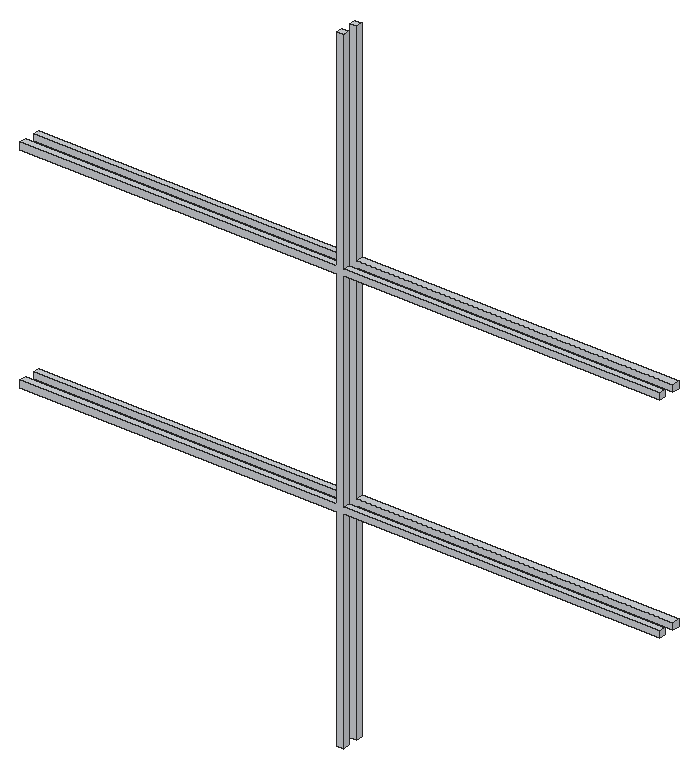
Revit family "378e4f7e51f74f48912e526267fb0134", category Generic Models, Revit 2021
Family settings
  Can host rebar = No
  Round Connector Dimension = Use Diameter
  Part Type = Normal
  Work Plane-Based = No
  Always vertical = Yes
  Cut with Voids When Loaded = No
  Shared = Yes
  Room Calculation Point = No
Parameters
  Width [instance] = 4' - 0"
  Thickness = 0' - 0 1/2"
  Height [instance] = 4' - 0"
  Interior Material [instance] = none
  Exterior Material [instance] = none
  Distance = 0' - 0 3/4"
  Default Elevation = 0' - 0"
Reference planes (in)
  plane 1 "Center (Front/Back)": y = 0
  plane 2: z = 0
  plane 3 "Center (Left/Right)": x = 0
  plane 4: z = 48
  plane 5: x = -24
  plane 6: x = 24
  plane 7: z = 24
  plane 8 "a": y = 0.375
  plane 9 "b": y = -0.375
  plane 10: y = 0.875
  plane 11: y = -0.875
  plane 12: z = 32.25
  plane 13: z = 31.75
  plane 14: z = 16.25
  plane 15: z = 15.75
  plane 16: z = 32
  plane 17: z = 16
  plane 18: x = -0.25
  plane 19: x = 0.25
Forms (in)
  Extrusion 1, solid, material <- "Exterior Material", detail levels fine
    sketch origin (0, 0.375, 0) x (-1, 0, 0) y (0, 0, 1)
      loop
        line (24, 32.25) -> (0.25, 32.25) -> (0.25, 48) -> (-0.25, 48) -> (-0.25, 32.25) -> (-24, 32.25) -> (-24, 31.75) -> (-0.25, 31.75) -> (-0.25, 16.25) -> (-24, 16.25) -> (-24, 15.75) -> (-0.25, 15.75) -> (-0.25, 0) -> (0.25, 0) -> (0.25, 15.75) -> (24, 15.75) -> (24, 16.25) -> (0.25, 16.25) -> (0.25, 31.75) -> (24, 31.75) -> (24, 32.25)
    from 0 to 0.5
  Extrusion 2, solid, material <- "Interior Material", detail levels fine
    sketch origin (0, -0.375, 0) x (-1, 0, 0) y (0, 0, 1)
      loop
        line (0.25, 48) -> (-0.25, 48) -> (-0.25, 32.25) -> (-24, 32.25) -> (-24, 31.75) -> (-0.25, 31.75) -> (-0.25, 16.25) -> (-24, 16.25) -> (-24, 15.75) -> (-0.25, 15.75) -> (-0.25, 0) -> (0.25, 0) -> (0.25, 15.75) -> (24, 15.75) -> (24, 16.25) -> (0.25, 16.25) -> (0.25, 31.75) -> (24, 31.75) -> (24, 32.25) -> (0.25, 32.25) -> (0.25, 48)
    from -0.5 to 0
Lines and regions (in)
  model lines, detail levels medium
    curve 1: line (-24, 0.375, 32) -> (24, 0.375, 32)
    curve 2: line (-24, 0.375, 16) -> (24, 0.375, 16)
    curve 3: line (0, 0.375, 48) -> (0, 0.375, 0)
    curve 4: line (-24, -0.375, 32) -> (24, -0.375, 32)
    curve 5: line (-24, -0.375, 16) -> (24, -0.375, 16)
    curve 6: line (0, -0.375, 0) -> (0, -0.375, 48)
Dimensions and locks (in)
  equal spacing: plane 6, plane 3 "Center (Left/Right)", plane 5
  "Width": plane 6 to plane 5
  "Height": plane 4 to plane 2
  equal spacing: plane 4, plane 7, plane 2
  equal spacing: plane 8 "a", plane 1 "Center (Front/Back)", plane 9 "b"
  "Distance": plane 8 "a" to plane 9 "b"
  Extrusion 1 sketch curve to curve 1 to Extrusion 1 sketch curve = 0' - 0 1/4" locked, 0' - 0 1/4" locked
  Extrusion 1 sketch curve to curve 2 to Extrusion 1 sketch curve = 0' - 0 1/4" locked, 0' - 0 1/4" locked
  locked: plane 3 "Center (Left/Right)" to Extrusion 1 sketch curve at 0.25
  locked: Extrusion 1 sketch curve to plane 3 "Center (Left/Right)" at 0.25
  equal spacing: plane 4, plane 16, plane 17, level
  "Thickness": plane 10 to plane 8 "a"
  "Thickness": plane 9 "b" to plane 11
  equal spacing: plane 18, plane 3 "Center (Left/Right)", plane 19
  locked: plane 12 to plane 13 at 0.5
  locked: plane 18 to plane 19 at 0.5
  equal spacing: plane 12, plane 16, plane 13
  equal spacing: plane 14, plane 17, plane 15
  locked: plane 14 to plane 15 at 0.5
  aligned and locked: plane 2 to level
  aligned and locked: Extrusion 1 sketch curve to Extrusion 1 sketch curve  (x3)
  aligned and locked: Extrusion 1 sketch curve to plane 5  (x2)
  aligned and locked: Extrusion 1 sketch curve to plane 6  (x2)
  aligned and locked: plane 5 to curve 1
  aligned and locked: plane 5 to curve 2
  aligned and locked: plane 6 to curve 2
  aligned and locked: plane 6 to curve 1
  aligned and locked: plane 2 to curve 3
  aligned and locked: plane 4 to curve 3
  aligned and locked: Extrusion 1 to plane 10
  aligned and locked: Extrusion 1 to plane 8 "a"
  aligned and locked: curve 1 to plane 16
  aligned and locked: curve 2 to plane 17
  aligned and locked: curve 3 to plane 3 "Center (Left/Right)"
  aligned and locked: plane 4 to Extrusion 2 sketch curve
  aligned and locked: Extrusion 2 sketch curve to plane 18
  aligned and locked: plane 12 to Extrusion 2 sketch curve
  aligned and locked: Extrusion 2 sketch curve to plane 5  (x2)
  aligned and locked: Extrusion 2 sketch curve to plane 13
  aligned and locked: plane 18 to Extrusion 2 sketch curve  (x2)
  aligned and locked: plane 14 to Extrusion 2 sketch curve
  aligned and locked: Extrusion 2 sketch curve to plane 15  (x2)
  aligned and locked: Extrusion 2 sketch curve to level
  aligned and locked: Extrusion 2 sketch curve to plane 19  (x3)
  aligned and locked: plane 6 to Extrusion 2 sketch curve  (x2)
  aligned and locked: Extrusion 2 sketch curve to plane 14
  aligned and locked: plane 13 to Extrusion 2 sketch curve
  aligned and locked: Extrusion 2 sketch curve to plane 12
  aligned and locked: curve 4 to plane 16
  aligned and locked: plane 6 to curve 4
  aligned and locked: plane 5 to curve 4
  aligned and locked: plane 5 to curve 5
  aligned and locked: curve 5 to plane 17
  aligned and locked: plane 6 to curve 5
  aligned and locked: plane 4 to curve 6
  aligned and locked: plane 3 "Center (Left/Right)" to curve 6
  aligned and locked: level to curve 6
  aligned and locked: Extrusion 2 to plane 11
  aligned and locked: plane 9 "b" to Extrusion 2
Automatic sketch dimensions
  Extrusion 1 sketch curve to level = 0' - 0"
  Extrusion 1 sketch curve to plane 4 = 0' - 0"
  plane 3 "Center (Left/Right)" to Extrusion 1 sketch curve = 0' - 0 1/4"  (x2)
  Extrusion 1 sketch curve to plane 3 "Center (Left/Right)" = 0' - 0 1/4"  (x2)
  Extrusion 1 sketch curve to Extrusion 1 sketch curve = 0' - 0 1/2"
